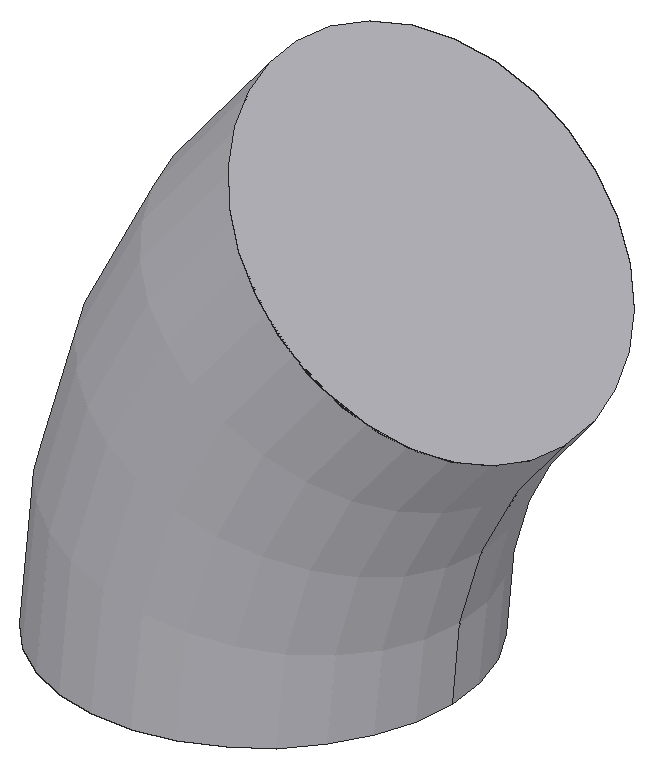
Revit family "2WK 45 Buttweld Short Elbow-304", category Pipe Accessories, Revit 2018
Family settings
  Round Connector Dimension = Use Diameter
  Part Type = Normal
  Work Plane-Based = No
  Always vertical = Yes
  Cut with Voids When Loaded = No
  Shared = No
Parameters (values of type "2WK 45 Buttweld Short Elbow")
  pipe radius [instance] = Nominal Diameter / 2  # 3.000"
  b [instance] = A * cos([45_])  # 2.65165"
  Weight [instance] = size_lookup(LookupTable, "Weight", "NA", Nominal Diameter)  # "9"
  URL = "http://www.fnw.com"
  Standards Lookup Table = "Standards"  # constant formula
  Product ID [instance] = size_lookup(LookupTable, "ProductID", "NA", Nominal Diameter)  # "4831489"
  Part Number [instance] = size_lookup(LookupTable, "PartNumber", "NA", Nominal Diameter)  # "G2WK74U"
  Nominal Diameter [instance] = 6"
  LookupTable = "2WK 45 Buttweld Short Elbow"  # constant formula
  a [instance] = A * sin([45_])  # 2.65165"
  Description BOM [instance] = size_lookup(LookupTable, "Description_BOM", "NA", Nominal Diameter)  # "6 304 BW SR 45 ELL #7"
  BR [instance] = size_lookup(LookupTable, "BR", 0.000", Nominal Diameter)  # 9.0533"
  A [instance] = size_lookup(LookupTable, "A", 0.000", Nominal Diameter)  # 3.750"
  45_ = 45.00°  # constant formula
Reference planes (in)
  plane 1 "Center (Front/Back)": y = 0
  plane 2: z = 0
  plane 3 "Center (Left/Right)": x = 0
  plane 4: x = 3
  plane 5: z = 3.75
  plane 6: x = 2.65165
  plane 7: z = 6.40165
Forms (in)
  Sweep 1, solid, material "Steel, Stainless"
    path in 3D
      loop
        arc (0, 0, 0) -> (0.68914, 0, 3.46455) -> (2.65165, 0, 6.40165) r 9.0533
    profile origin (0.68914, 0, 3.46455) x (-0.92388, 0, 0.382683) y (0, -1, 0)
      loop
        circle (0, 0) r 3
Lines and regions (in)
  model lines
    curve 1: arc (0, 0, 0) -> (0.68914, 0, 3.46455) -> (2.65165, 0, 6.40165) r 9.0533
  sketch lines
    curve 2: arc (0, 0, 0) -> (0.68914, 0, 3.46455) -> (2.65165, 0, 6.40165) r 9.0533
Text (in)
  text "shown in 1/2 \" size" at (3.06371, 0, -1.08014), in view "Front"
Dimensions and locks (in)
  "pipe radius": plane 4 to plane 3 "Center (Left/Right)"
  "A": plane 5 to plane 2
  "a": plane 6 to plane 3 "Center (Left/Right)"
  "b": plane 7 to plane 5
  "BR": radius of curve 1
  "pipe radius": radius of Sweep 1 sketch curve
  "45_": angle curve 1 to curve 1
  aligned and locked: plane 2 to level
Automatic sketch dimensions
  curve 1 to level = 0.000"
  curve 1 to plane 3 "Center (Left/Right)" = 0.000"
  Sweep 1 sketch curve to profile plane = 0.000"
  profile plane to Sweep 1 sketch curve = 0.000"
Connectors (in)
  piping at (0, 0, 0), diameter 6, driven by "Nominal Diameter"
    settings: on Sweep 1, index 1, connector inside diameter 24", connector length 0.000", flow factor 0, pipe flow 0 GPM, pressure drop 0.00 psi, fitting loss kfactor 0, connector angle 0.00°, fixture units 0, engagement length 0.000", angle of deflection 0.00°, flow configuration 0, flow direction 0, fitting loss method 0, system type 16, joint type 0, gender type 0, connector reference index -1, connector utility 0, adjustable connector no, is connector primary yes, connector description ""
  piping at (2.65165, 0, 6.40165), diameter 6, driven by "Nominal Diameter"
    settings: on Sweep 1, index 2, connector inside diameter 24", connector length 0.000", flow factor 0, pipe flow 0 GPM, pressure drop 0.00 psi, fitting loss kfactor 0, connector angle 0.00°, fixture units 0, engagement length 0.000", angle of deflection 0.00°, flow configuration 0, flow direction 0, fitting loss method 0, system type 16, joint type 0, gender type 0, connector reference index -1, connector utility 0, adjustable connector no, is connector primary no, connector description ""
